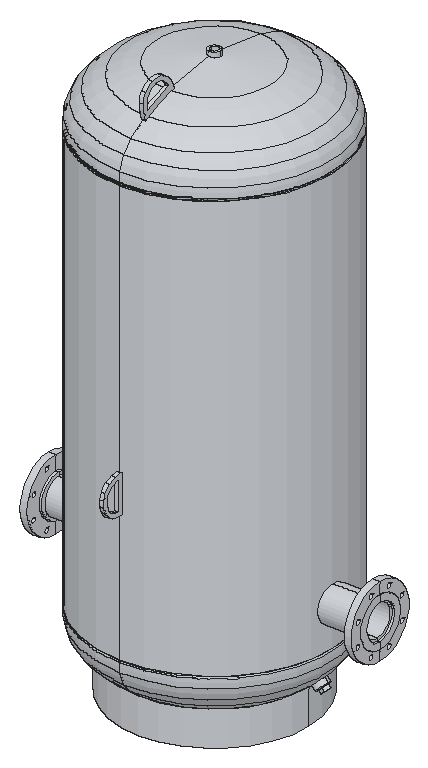
Revit family "CBT-200-4", category Generic Models, Revit 2014
Parameters (values of type "CBT-200-4")
  URL = "http://westank.com/"
  Tank Volume = 200.00 gal
  Part Number = 55300200
  Model = "CBT-200-4"
  Maximum Shipping Weight = 555 lbf
  Flange Connector Diameter = 4"
  Description = "Wessels ASME Chilled Water Buffer Tanks (CBT) are designed for chilled water systems with insufficient water volume capacity in relation to the chiller capacity."
  D = 15"
  C = 24"
  B = 72"
  A = 30"
Reference planes (in)
  plane 1 "Center (Front/Back)": y = 0
  plane 2: z = 0
  plane 3 "Center (Left/Right)": x = 0
  plane 4: through (12.55282, -180, 5.24135) normal (0.8192, 0, -0.5736)
  plane 5: x = -15
  plane 6: x = 15
  plane 7: z = 0
  plane 8: z = 72
  plane 9: y = 15
  plane 10: y = -15
  plane 11: x = -12
  plane 12: x = 12
  plane 13: z = 15
Forms (in)
  Revolve 1, solid
    sketch origin (0, -0.02461, 0) x (0, 1, 0) y (0, 0, 1)
      loop
        line (-14.97539, 9.87397) -> (-14.812, 9.87397)
        arc (-14.812, 9.87397) -> (-14.83596, 9.78454) -> (-14.90143, 9.71907) r 0.17887
        arc (-14.90143, 9.71907) -> (-14.94991, 9.64836) -> (-14.97579, 9.56662) r 0.29232
        arc (-14.97579, 9.56662) -> (-14.96586, 8.98455) -> (-14.89468, 8.40676) r 5.51955
        arc (-14.89468, 8.40676) -> (-14.65184, 7.56116) -> (-14.23912, 6.78419) r 4.22443
        arc (-14.23912, 6.78419) -> (-13.71208, 6.0842) -> (-13.11424, 5.44361) r 8.30764
        arc (-13.11424, 5.44361) -> (-11.99363, 4.5369) -> (-10.73315, 3.83755) r 8.30764
        arc (-10.73315, 3.83755) -> (-9.02248, 3.06195) -> (-7.23223, 2.49367) r 15.88746
        arc (-7.23223, 2.49367) -> (-3.63165, 1.79117) -> (0.02461, 1.49214) r 33.04234
        line (0.02461, 1.49214) -> (0.02461, 1.66407)
        arc (0.02461, 1.66407) -> (-3.61037, 1.96174) -> (-7.19, 2.66027) r 32.87047
        arc (-7.19, 2.66027) -> (-8.96351, 3.22342) -> (-10.65802, 3.99223) r 15.71558
        arc (-10.65802, 3.99223) -> (-11.8952, 4.67783) -> (-12.99495, 5.56734) r 8.13577
        arc (-12.99495, 5.56734) -> (-13.58042, 6.19468) -> (-14.09655, 6.88019) r 8.13577
        arc (-14.09655, 6.88019) -> (-14.49248, 7.62554) -> (-14.72544, 8.43674) r 4.05256
        arc (-14.72544, 8.43674) -> (-14.79395, 8.9901) -> (-14.80447, 9.54759) r 5.34767
        arc (-14.80447, 9.54759) -> (-14.7971, 9.56945) -> (-14.78569, 9.5895) r 0.12044
        arc (-14.78569, 9.5895) -> (-14.67439, 9.72277) -> (-14.64064, 9.89308) r 0.35074
        line (-14.64064, 9.89308) -> (-14.84715, 9.89308) -> (-14.84715, 63.61189) -> (-14.64151, 63.61189)
        arc (-14.64151, 63.61189) -> (-14.67184, 63.78882) -> (-14.78573, 63.92758) r 0.35074
        arc (-14.78573, 63.92758) -> (-14.79712, 63.94763) -> (-14.80449, 63.96948) r 0.12045
        arc (-14.80449, 63.96948) -> (-14.79397, 64.52697) -> (-14.72546, 65.08033) r 5.34768
        arc (-14.72546, 65.08033) -> (-14.4925, 65.89153) -> (-14.09657, 66.63689) r 4.05257
        arc (-14.09657, 66.63689) -> (-13.58043, 67.3224) -> (-12.99497, 67.94973) r 8.13578
        arc (-12.99497, 67.94973) -> (-11.89524, 68.83924) -> (-10.65807, 69.52483) r 8.13578
        arc (-10.65807, 69.52483) -> (-8.96355, 70.29364) -> (-7.19005, 70.85678) r 15.71558
        arc (-7.19005, 70.85678) -> (-3.61055, 71.55529) -> (0.02429, 71.85297) r 32.87045
        line (0.02429, 71.85297) -> (0.02429, 72.02671)
        arc (0.02429, 72.02671) -> (-3.63245, 71.72766) -> (-7.2335, 71.02507) r 33.04334
        arc (-7.2335, 71.02507) -> (-9.02402, 70.45667) -> (-10.73493, 69.68092) r 15.88853
        arc (-10.73493, 69.68092) -> (-11.99625, 68.98117) -> (-13.11754, 68.07383) r 8.30893
        arc (-13.11754, 68.07383) -> (-13.7162, 67.43239) -> (-14.24389, 66.7314) r 8.30923
        arc (-14.24389, 66.7314) -> (-14.65697, 65.95395) -> (-14.90005, 65.1078) r 4.22701
        arc (-14.90005, 65.1078) -> (-14.97148, 64.52727) -> (-14.98111, 63.94244) r 5.52257
        arc (-14.98111, 63.94244) -> (-14.95423, 63.85606) -> (-14.90267, 63.78173) r 0.29803
        arc (-14.90267, 63.78173) -> (-14.837, 63.7147) -> (-14.81302, 63.62397) r 0.18362
        line (-14.81302, 63.62397) -> (-14.97539, 63.62397) -> (-14.97539, 9.87397)
      axis (0.02461, 1.49214) -> (0.02461, 72.02671)
    angle from 0 to 360
  Revolve 2, solid
    sketch origin (0, 0, -0.00013) x (-1, 0, 0) y (0, 0, 1)
      loop
        line (19.68847, 12.74985) -> (19.68847, 12.34321) -> (20.06347, 12.34321) -> (20.06347, 10.4947) -> (20.93847, 10.4947) -> (20.93847, 11.90683) -> (21.00097, 11.90683) -> (21.00097, 12.74985) -> (19.68847, 12.74985)
      axis (21.00097, 15.00013) -> (19.68847, 15.00013)
    angle from 0 to 360
  Revolve 3, solid
    sketch origin (-1.82085, 0, 2.88409) x (0.981353, 0, -0.192215) y (0.192215, 0, 0.981353)
      loop
        line (14.71753, 6.11956) -> (14.66586, 6.1556) -> (14.25436, 5.56561) -> (14.86992, 5.13627) -> (15.24588, 5.6753) -> (15.19462, 5.71106) -> (15.31904, 5.88945) -> (14.80641, 6.24699) -> (14.71753, 6.11956)
      axis (14.25436, 5.56561) -> (14.86992, 5.13627)
    angle from 0 to 360
  Extrusion 4, solid
    sketch origin (13.38203, -180, 6.13049) x (0.718765, 0, 0.695254) y (0, -1, 0)
      loop
        line (-0.16036, -179.52645) -> (-0.95521, -179.68698) -> (-0.79485, -180.48095) -> (0, -180.32042) -> (-0.16036, -179.52645)
    from 1.02698 to 1.52678
  Extrusion 5, solid
    sketch origin (0, -2.93535, 4.97257) x (0, 1, 0) y (0, 0, 1)
      loop
        line (-11.68439, 21.33304) -> (-11.68439, 26.19752)
        arc (-11.68439, 26.19752) -> (-12.35095, 26.15744) -> (-13.00842, 26.04059) r 5.76861
        arc (-13.00842, 26.04059) -> (-13.48178, 25.88922) -> (-13.92751, 25.66942) r 3.34641
        arc (-13.92751, 25.66942) -> (-14.32096, 25.36359) -> (-14.6265, 24.96991) r 1.99825
        arc (-14.6265, 24.96991) -> (-14.77891, 24.59433) -> (-14.86291, 24.1978) r 2.29639
        arc (-14.86291, 24.1978) -> (-14.88755, 23.7845) -> (-14.86316, 23.37119) r 3.49597
        arc (-14.86316, 23.37119) -> (-14.76996, 22.95174) -> (-14.59792, 22.55801) r 2.22637
        arc (-14.59792, 22.55801) -> (-14.23755, 22.10568) -> (-13.75218, 21.79121) r 1.79726
        arc (-13.75218, 21.79121) -> (-13.19187, 21.53312) -> (-12.58488, 21.423) r 2.45266
        arc (-12.58488, 21.423) -> (-12.13683, 21.35609) -> (-11.68439, 21.33304) r 4.65484
      loop
        arc (-12.44611, 25.63929) -> (-12.67227, 25.60073) -> (-12.89654, 25.55235) r 5.2625
        arc (-12.89654, 25.55235) -> (-13.30128, 25.42308) -> (-13.68221, 25.23491) r 2.84116
        arc (-13.68221, 25.23491) -> (-13.97364, 25.01013) -> (-14.20134, 24.72098) r 1.49558
        arc (-14.20134, 24.72098) -> (-14.3163, 24.43235) -> (-14.37979, 24.12821) r 1.7957
        arc (-14.37979, 24.12821) -> (-14.40106, 23.77188) -> (-14.37979, 23.41555) r 2.99674
        arc (-14.37979, 23.41555) -> (-14.30745, 23.08689) -> (-14.17279, 22.77846) r 1.72881
        arc (-14.17279, 22.77846) -> (-13.91552, 22.45353) -> (-13.56884, 22.22643) r 1.29608
        arc (-13.56884, 22.22643) -> (-13.1779, 22.0402) -> (-12.75531, 21.94566) r 1.9331
        arc (-12.75531, 21.94566) -> (-12.60126, 21.91347) -> (-12.44611, 21.88716) r 4.14312
        line (-12.44611, 21.88716) -> (-12.44611, 25.63929)
    from -0.24366 to 0.25634
  Extrusion 6, solid
    sketch origin (0, -26.96034, 51.14612) x (0, 0.366501, -0.930418) y (0, 0.930418, 0.366501)
      loop
        arc (-11.9298, 25.67102) -> (-12.15596, 25.63246) -> (-12.38023, 25.58408) r 5.2625
        arc (-12.38023, 25.58408) -> (-12.78497, 25.45482) -> (-13.16591, 25.26664) r 2.84116
        arc (-13.16591, 25.26664) -> (-13.45733, 25.04186) -> (-13.68503, 24.75271) r 1.49558
        arc (-13.68503, 24.75271) -> (-13.8, 24.46408) -> (-13.86349, 24.15994) r 1.7957
        arc (-13.86349, 24.15994) -> (-13.88475, 23.80361) -> (-13.86349, 23.44728) r 2.99674
        arc (-13.86349, 23.44728) -> (-13.79114, 23.11862) -> (-13.65649, 22.81019) r 1.72881
        arc (-13.65649, 22.81019) -> (-13.39922, 22.48527) -> (-13.05253, 22.25816) r 1.29608
        arc (-13.05253, 22.25816) -> (-12.66159, 22.07193) -> (-12.239, 21.97739) r 1.9331
        arc (-12.239, 21.97739) -> (-12.08496, 21.94521) -> (-11.9298, 21.91889) r 4.14312
        line (-11.9298, 21.91889) -> (-11.9298, 25.67102)
      loop
        line (-11.0077, 21.34502) -> (-11.0077, 26.1559)
        arc (-11.0077, 26.1559) -> (-12.03639, 26.17994) -> (-13.02719, 25.90227) r 3.48194
        arc (-13.02719, 25.90227) -> (-13.54727, 25.6041) -> (-13.99851, 25.20943) r 3.03185
        arc (-13.99851, 25.20943) -> (-14.28248, 24.55653) -> (-14.39992, 23.8543) r 2.91879
        arc (-14.39992, 23.8543) -> (-14.3348, 23.1787) -> (-14.08611, 22.54717) r 2.44012
        arc (-14.08611, 22.54717) -> (-13.716, 22.08641) -> (-13.21844, 21.76749) r 1.83162
        arc (-13.21844, 21.76749) -> (-12.1363, 21.43466) -> (-11.0077, 21.34502) r 5.1769
    from -0.24366 to 0.25634
  Extrusion 7, solid
    sketch origin (0, 0, 0) x (1, 0, 0) y (0, 1, 0)
      loop
        circle (0, 0) r 0.75
      loop
        circle (0, 0) r 0.5
    from 71.36613 to 72.49354
  Extrusion 8, void
    sketch origin (0, 0.13917, 0.41738) x (0, 1, 0) y (0, 0, -1)
      loop
        circle (1.28233, -18.06761) r 0.37532
      loop
        circle (3.36019, -13.1861) r 0.37532
      loop
        circle (3.3073, -16.04716) r 0.37532
      loop
        circle (1.28728, -11.12902) r 0.37532
      loop
        circle (-1.56066, -18.06761) r 0.37532
      loop
        circle (-3.63853, -13.1861) r 0.37532
      loop
        circle (-3.58564, -16.04716) r 0.37532
      loop
        circle (-1.56562, -11.12902) r 0.37532
    from 19.2057 to 22.25
  Extrusion 9, void
    sketch origin (0, 0, 0) x (1, 0, 0) y (0, 1, 0)
      loop
        circle (0, 0) r 0.5
    from 70.90268 to 73.75579
  Revolve 10, solid
    sketch origin (0, 0, 0) x (1, 0, 0) y (0, 0, 1)
      loop
        line (11.87609, 4.44941) -> (11.87609, 0) -> (12, 0) -> (12, 4.44941) -> (11.87609, 4.44941)
      axis (0, 4.44941) -> (0, 0)
    angle from 0 to 360
  Revolve 11, solid
    sketch origin (0, 0, -0.00013) x (1, 0, 0) y (0, 0, 1)
      loop
        line (-14.12597, 12.9863) -> (-20.62597, 12.9863) -> (-20.62597, 12.74998) -> (-14.12597, 12.74998) -> (-14.12597, 12.9863)
      axis (-20.62597, 15.00013) -> (-14.12597, 15.00013)
    angle from 0 to 360
  Extrusion 12, void
    sketch origin (0, 0, 0.25) x (0, 1, 0) y (0, 0, 1)
      loop
        circle (0, 14.75) r 2.01383
    from -18.86806 to 18.76515
  Revolve 13, solid
    sketch origin (0, 0, -0.00013) x (1, 0, 0) y (0, 0, 1)
      loop
        line (19.68847, 12.74985) -> (19.68847, 12.34321) -> (20.06347, 12.34321) -> (20.06347, 10.4947) -> (20.93847, 10.4947) -> (20.93847, 11.90683) -> (21.00097, 11.90683) -> (21.00097, 12.74985) -> (19.68847, 12.74985)
      axis (21.00097, 15.00013) -> (19.68847, 15.00013)
    angle from 0 to 360
  Extrusion 14, void
    sketch origin (0, 0.13917, 0.41738) x (0, 1, 0) y (0, 0, 1)
      loop
        circle (1.28233, 18.06761) r 0.37532
      loop
        circle (3.36019, 13.1861) r 0.37532
      loop
        circle (3.3073, 16.04716) r 0.37532
      loop
        circle (1.28728, 11.12902) r 0.37532
      loop
        circle (-1.56066, 18.06761) r 0.37532
      loop
        circle (-3.63853, 13.1861) r 0.37532
      loop
        circle (-3.58564, 16.04716) r 0.37532
      loop
        circle (-1.56562, 11.12902) r 0.37532
    from 19.2057 to 22.25
  Revolve 15, solid
    sketch origin (0, 0, -0.00013) x (-1, 0, 0) y (0, 0, 1)
      loop
        line (-14.12597, 12.9863) -> (-20.62597, 12.9863) -> (-20.62597, 12.74998) -> (-14.12597, 12.74998) -> (-14.12597, 12.9863)
      axis (-20.62597, 15.00013) -> (-14.12597, 15.00013)
    angle from 0 to 360
Cuts and joins
  joined: Extrusion 4, Extrusion 5, Extrusion 6, Extrusion 7
  Extrusion 8, Extrusion 14 cuts Revolve 2
  Extrusion 14 cuts Revolve 13
  Extrusion 9, Extrusion 12 cuts Revolve 1
Dimensions and locks (in)
  equal spacing: plane 6, plane 3 "Center (Left/Right)", plane 5
  "A": plane 6 to plane 5
  "B": plane 8 to level
  equal spacing: plane 9, plane 1 "Center (Front/Back)", plane 10
  "A": plane 9 to plane 10
  equal spacing: plane 12, plane 3 "Center (Left/Right)", plane 11
  "C": plane 12 to plane 11
  "D": plane 13 to level
  aligned and locked: plane 2 to level
  aligned and locked: Revolve 10 sketch curve to plane 3 "Center (Left/Right)"
Automatic sketch dimensions
  Revolve 1 sketch curve to Revolve 1 sketch curve = 0"  (x33)
  Revolve 1 sketch curve to plane 10 = 0"
  Revolve 1 sketch curve to plane 1 "Center (Front/Back)" = 0"  (x2)
  Revolve 1 sketch curve to Revolve 1 sketch curve = 0.01547"
  plane 10 to Revolve 1 sketch curve = 0.01547"
  Revolve 1 sketch curve to Revolve 1 sketch curve = 0.00578"
  Revolve 1 sketch curve to plane 10 = 0.12824"
  Revolve 1 sketch curve to Revolve 1 sketch curve = 0.03413"
  Revolve 1 sketch curve to Revolve 1 sketch curve = 9/256"
  Revolve 1 sketch curve to plane 10 = 0.28821"
  Revolve 1 sketch curve to plane 10 = 0.28822"
  Revolve 1 sketch curve to Revolve 1 sketch curve = 0.00078"
  Revolve 1 sketch curve to Revolve 1 sketch curve = 0.17151"
  Revolve 1 sketch curve to Revolve 1 sketch curve = 0.17135"
  Revolve 1 sketch curve to Revolve 1 sketch curve = 3.94929"
  Revolve 1 sketch curve to Revolve 1 sketch curve = 0.00287"
  Revolve 1 sketch curve to Revolve 1 sketch curve = 3.95216"
  Revolve 1 sketch curve to Revolve 1 sketch curve = 1.2728"
  Revolve 1 sketch curve to Revolve 1 sketch curve = 0.00246"
  Revolve 1 sketch curve to Revolve 1 sketch curve = 1.27526"
  Revolve 1 sketch curve to Revolve 1 sketch curve = 2.11145"
  Revolve 1 sketch curve to Revolve 1 sketch curve = 0.00084"
  Revolve 1 sketch curve to Revolve 1 sketch curve = 0.00187"
  Revolve 1 sketch curve to Revolve 1 sketch curve = 2.11171"
  plane 1 "Center (Front/Back)" to Revolve 1 sketch curve = 3.35442"
  Revolve 1 sketch curve to Revolve 1 sketch curve = 0.00082"
  plane 1 "Center (Front/Back)" to Revolve 1 sketch curve = 3.35353"
  plane 1 "Center (Front/Back)" to Revolve 1 sketch curve = 0.00031"
  Revolve 1 sketch curve to plane 1 "Center (Front/Back)" = 0.86039"
  Revolve 1 sketch curve to Revolve 1 sketch curve = 0.00067"
  Revolve 1 sketch curve to plane 1 "Center (Front/Back)" = 0.86116"
  level to Revolve 1 sketch curve = 1.49214"
  Revolve 1 sketch curve to Revolve 1 sketch curve = 0.17193"
  Revolve 1 sketch curve to plane 13 = 5.85634"
  Revolve 1 sketch curve to Revolve 1 sketch curve = 0.22592"
  Revolve 1 sketch curve to Revolve 1 sketch curve = 0.37656"
  Revolve 1 sketch curve to Revolve 1 sketch curve = 0.35376"
  Revolve 1 sketch curve to Revolve 1 sketch curve = 0.01911"  (x2)
  Revolve 1 sketch curve to Revolve 1 sketch curve = 2 7/128"
  plane 13 to Revolve 1 sketch curve = 2.89417"
  Revolve 1 sketch curve to Revolve 1 sketch curve = 16.62909"
  Revolve 1 sketch curve to Revolve 1 sketch curve = 4.47055"
  Revolve 1 sketch curve to Revolve 1 sketch curve = 0.00077"
  Revolve 1 sketch curve to plane 8 = 16.37712"
  Revolve 1 sketch curve to Revolve 1 sketch curve = 0.00068"
  Revolve 1 sketch curve to Revolve 1 sketch curve = 6.46799"
  Revolve 1 sketch curve to Revolve 1 sketch curve = 0.00123"
  Revolve 1 sketch curve to Revolve 1 sketch curve = 0.00005"
  Revolve 1 sketch curve to Revolve 1 sketch curve = 1.52034"
  Revolve 1 sketch curve to Revolve 1 sketch curve = 0.01209"
  Revolve 1 sketch curve to Revolve 1 sketch curve = 0.3749"
  Revolve 1 sketch curve to Revolve 1 sketch curve = 0.01007"
  Revolve 1 sketch curve to Revolve 1 sketch curve = 2.05124"
  Revolve 1 sketch curve to Revolve 1 sketch curve = 0.00348"
  Revolve 1 sketch curve to Revolve 1 sketch curve = 0.2261"
  Revolve 1 sketch curve to Revolve 1 sketch curve = 0.0033"
  Revolve 1 sketch curve to plane 8 = 0.14703"
  plane 8 to Revolve 1 sketch curve = 0.02671"
  plane 10 to Revolve 1 sketch curve = 0.0004"
  plane 10 to Revolve 1 sketch curve = 0.00572"
  Revolve 1 sketch curve to plane 10 = 0.07272"
  Revolve 1 sketch curve to plane 10 = 0.07396"
  Revolve 1 sketch curve to Revolve 1 sketch curve = 0.11808"
  Revolve 1 sketch curve to Revolve 1 sketch curve = 0.11729"
  Revolve 1 sketch curve to Revolve 1 sketch curve = 0.01876"
  Revolve 1 sketch curve to Revolve 1 sketch curve = 0.01878"
  Revolve 1 sketch curve to Revolve 1 sketch curve = 0.14732"
  Revolve 1 sketch curve to Revolve 1 sketch curve = 0.97903"
  Revolve 1 sketch curve to Revolve 1 sketch curve = 0.98231"
  Revolve 1 sketch curve to Revolve 1 sketch curve = 0.12257"
  Revolve 1 sketch curve to Revolve 1 sketch curve = 0.1193"
  Revolve 1 sketch curve to plane 8 = 2.31908"
  Revolve 1 sketch curve to Revolve 1 sketch curve = 2.26179"
  Revolve 1 sketch curve to Revolve 1 sketch curve = 0.07686"
  Revolve 1 sketch curve to Revolve 1 sketch curve = 0.07513"
  Revolve 1 sketch curve to Revolve 1 sketch curve = 5.63017"
  Revolve 1 sketch curve to Revolve 1 sketch curve = 1.88017"
  Revolve 2 sketch curve to plane 13 = 0"
  plane 5 to Revolve 2 sketch curve = 4.68847"
  Revolve 2 sketch curve to Revolve 2 sketch curve = 3/8"
  Revolve 2 sketch curve to Revolve 2 sketch curve = 7/8"
  Revolve 2 sketch curve to Revolve 2 sketch curve = 1/16"
  plane 13 to Revolve 2 sketch curve = 2.25028"
  Revolve 2 sketch curve to Revolve 2 sketch curve = 0.40665"
  Revolve 2 sketch curve to Revolve 2 sketch curve = 0.84302"
  Revolve 2 sketch curve to Revolve 2 sketch curve = 1.41213"
  Revolve 2 sketch curve to plane 5 = 0.66921"
  Revolve 2 sketch curve to Revolve 2 sketch curve = 0.68278"
  plane 4 to Revolve 3 sketch curve = 0.35169"
  plane 12 to Revolve 3 sketch curve = 1.2375"
  Revolve 3 sketch curve to Revolve 3 sketch curve = 0.4115"
  Revolve 3 sketch curve to Revolve 3 sketch curve = 0.05167"
  Revolve 3 sketch curve to Revolve 3 sketch curve = 0.08888"
  Revolve 3 sketch curve to Revolve 3 sketch curve = 0.61556"
  Revolve 3 sketch curve to Revolve 3 sketch curve = 0.47709"
  Revolve 3 sketch curve to Revolve 3 sketch curve = 0.05126"
  Revolve 3 sketch curve to Revolve 3 sketch curve = 0.42934"
  Revolve 3 sketch curve to Revolve 3 sketch curve = 0.12768"
  Revolve 3 sketch curve to Revolve 3 sketch curve = 0"  (x2)
  Revolve 3 sketch curve to Revolve 3 sketch curve = 0.08905"
  plane 1 "Center (Front/Back)" to Extrusion 4 sketch curve = 0.31302"
  Extrusion 4 sketch curve to plane 1 "Center (Front/Back)" = 0.48095"
  Extrusion 4 sketch curve to Extrusion 4 sketch curve = 0.16036"  (x2)
  plane 1 "Center (Front/Back)" to Extrusion 4 sketch curve = 0.47355"
  Extrusion 4 sketch curve to Extrusion 4 sketch curve = 0.79485"
  Extrusion 4 sketch curve to plane 1 "Center (Front/Back)" = 0.32042"
  Extrusion 5 sketch curve to Extrusion 5 sketch curve = 0.00283"
  Extrusion 5 sketch curve to Extrusion 5 sketch curve = 0.00469"
  Extrusion 5 sketch curve to Extrusion 5 sketch curve = 0.00831"
  Extrusion 5 sketch curve to Extrusion 5 sketch curve = 0.00251"
  Extrusion 5 sketch curve to Extrusion 5 sketch curve = 0.01398"
  Extrusion 5 sketch curve to Extrusion 5 sketch curve = 0.00384"
  Extrusion 5 sketch curve to Extrusion 5 sketch curve = 0.01369"
  Extrusion 5 sketch curve to Extrusion 5 sketch curve = 0.00731"
  Extrusion 5 sketch curve to Extrusion 5 sketch curve = 0.01274"
  Extrusion 5 sketch curve to Extrusion 5 sketch curve = 0.01156"
  Extrusion 5 sketch curve to Extrusion 5 sketch curve = 0.0099"
  Extrusion 5 sketch curve to Extrusion 5 sketch curve = 0.02103"
  Extrusion 5 sketch curve to Extrusion 5 sketch curve = 0.01074"
  Extrusion 5 sketch curve to Extrusion 5 sketch curve = 0.02695"
  Extrusion 5 sketch curve to Extrusion 5 sketch curve = 0.09321"
  Extrusion 5 sketch curve to Extrusion 5 sketch curve = 0.00464"
  Extrusion 5 sketch curve to Extrusion 5 sketch curve = 0.15693"
  Extrusion 5 sketch curve to Extrusion 5 sketch curve = 0.0035"
  plane 10 to Extrusion 5 sketch curve = 0.97644"
  Extrusion 5 sketch curve to Extrusion 5 sketch curve = 0.10891"
  Extrusion 5 sketch curve to Extrusion 5 sketch curve = 0.25411"
  Extrusion 5 sketch curve to Extrusion 5 sketch curve = 17/256"
  Extrusion 5 sketch curve to Extrusion 5 sketch curve = 0.03589"
  plane 10 to Extrusion 5 sketch curve = 0.38146"
  plane 10 to Extrusion 5 sketch curve = 0.17231"
  Extrusion 5 sketch curve to plane 10 = 0.38026"
  Extrusion 5 sketch curve to plane 10 = 0.23364"
  Extrusion 5 sketch curve to plane 10 = 0.39263"
  Extrusion 5 sketch curve to plane 10 = 0.67307"
  plane 13 to Extrusion 5 sketch curve = 10.4015"
  Extrusion 5 sketch curve to Extrusion 5 sketch curve = 0.90412"
  Extrusion 5 sketch curve to Extrusion 5 sketch curve = 0.55412"
  Extrusion 5 sketch curve to Extrusion 5 sketch curve = 0.90165"
  Extrusion 5 sketch curve to Extrusion 5 sketch curve = 0.65085"
  Extrusion 5 sketch curve to Extrusion 5 sketch curve = 0.18397"
  Extrusion 5 sketch curve to Extrusion 5 sketch curve = 0.12974"
  Extrusion 5 sketch curve to Extrusion 5 sketch curve = 0.22538"
  Extrusion 5 sketch curve to Extrusion 5 sketch curve = 0.04252"
  Extrusion 5 sketch curve to Extrusion 5 sketch curve = 0.02529"
  Extrusion 5 sketch curve to Extrusion 5 sketch curve = 1.7173"
  Extrusion 5 sketch curve to Extrusion 5 sketch curve = 0.34507"
  Extrusion 5 sketch curve to Extrusion 5 sketch curve = 0.20965"
  Extrusion 5 sketch curve to Extrusion 5 sketch curve = 1.12273"
  Extrusion 5 sketch curve to Extrusion 5 sketch curve = 0.78568"
  Extrusion 5 sketch curve to Extrusion 5 sketch curve = 0"  (x6)
  Extrusion 5 sketch curve to Extrusion 5 sketch curve = 0.18334"
  Extrusion 5 sketch curve to Extrusion 5 sketch curve = 0.24529"
  Extrusion 5 sketch curve to Extrusion 5 sketch curve = 0.60395"
  Extrusion 5 sketch curve to Extrusion 5 sketch curve = 0.51913"
  Extrusion 5 sketch curve to Extrusion 5 sketch curve = 0.42512"
  Extrusion 5 sketch curve to Extrusion 5 sketch curve = 0.42516"
  Extrusion 7 sketch curve to Extrusion 7 sketch curve = 0"  (x2)
  plane 1 "Center (Front/Back)" to Extrusion 7 sketch curve = 0"
  Extrusion 7 sketch curve to plane 3 "Center (Left/Right)" = 0"
  Extrusion 8 sketch curve to plane 13 = 1.39652"  (x2)
  plane 1 "Center (Front/Back)" to Extrusion 8 sketch curve = 3.49936"
  Extrusion 8 sketch curve to Extrusion 8 sketch curve = 0.05288"  (x2)
  plane 1 "Center (Front/Back)" to Extrusion 8 sketch curve = 1.42645"
  plane 1 "Center (Front/Back)" to Extrusion 8 sketch curve = 1.4215"
  Extrusion 8 sketch curve to plane 1 "Center (Front/Back)" = 1.4215"
  Extrusion 8 sketch curve to plane 1 "Center (Front/Back)" = 1.42645"
  Extrusion 8 sketch curve to Extrusion 8 sketch curve = 2.02498"
  plane 13 to Extrusion 8 sketch curve = 1.46453"  (x2)
  Extrusion 8 sketch curve to Extrusion 8 sketch curve = 2.02045"
  Extrusion 8 sketch curve to Extrusion 8 sketch curve = 0"  (x2)
  Extrusion 8 sketch curve to Extrusion 8 sketch curve = 2.05708"
  Extrusion 9 sketch curve to Extrusion 9 sketch curve = 0"  (x2)
  plane 1 "Center (Front/Back)" to Extrusion 9 sketch curve = 0"
  Extrusion 9 sketch curve to plane 3 "Center (Left/Right)" = 0"
  Extrusion 9 sketch curve to plane 3 "Center (Left/Right)" = 1/2"
  Revolve 10 sketch curve to level = 0"
  Revolve 10 sketch curve to plane 12 = 0"
  Revolve 10 sketch curve to plane 12 = 0.12391"
  level to Revolve 10 sketch curve = 4.44941"
  level to Revolve 10 sketch curve = 4.69941"
  Revolve 10 sketch curve to Revolve 10 sketch curve = 1"
  Revolve 11 sketch curve to plane 13 = 0"
  Revolve 11 sketch curve to plane 13 = 2.25016"
  Revolve 11 sketch curve to plane 5 = 5.62597"
  plane 5 to Revolve 11 sketch curve = 0.87403"
  Revolve 11 sketch curve to Revolve 11 sketch curve = 0.23633"
  plane 5 to Revolve 11 sketch curve = 1/2"
  Revolve 11 sketch curve to Revolve 11 sketch curve = 0.36015"
  Revolve 13 sketch curve to plane 13 = 0"
  plane 6 to Revolve 13 sketch curve = 4.68847"
  Revolve 13 sketch curve to Revolve 13 sketch curve = 3/8"
  Revolve 13 sketch curve to Revolve 13 sketch curve = 7/8"
  Revolve 13 sketch curve to Revolve 13 sketch curve = 1/16"
  Revolve 13 sketch curve to plane 13 = 2.25028"
  Revolve 13 sketch curve to Revolve 13 sketch curve = 0.40665"
  Revolve 13 sketch curve to Revolve 13 sketch curve = 0.84302"
  Revolve 13 sketch curve to Revolve 13 sketch curve = 1.41213"
  Revolve 13 sketch curve to plane 6 = 0.66921"
  Revolve 13 sketch curve to Revolve 13 sketch curve = 0.68278"
  Extrusion 14 sketch curve to plane 13 = 1.39652"  (x2)
  plane 1 "Center (Front/Back)" to Extrusion 14 sketch curve = 3.49936"
  Extrusion 14 sketch curve to Extrusion 14 sketch curve = 0.05288"  (x2)
  plane 1 "Center (Front/Back)" to Extrusion 14 sketch curve = 1.42645"
  plane 1 "Center (Front/Back)" to Extrusion 14 sketch curve = 1.4215"
  Extrusion 14 sketch curve to plane 1 "Center (Front/Back)" = 1.4215"
  Extrusion 14 sketch curve to plane 1 "Center (Front/Back)" = 1.42645"
  Extrusion 14 sketch curve to Extrusion 14 sketch curve = 2.02498"
  Extrusion 14 sketch curve to Extrusion 14 sketch curve = 2.05708"
  Extrusion 14 sketch curve to Extrusion 14 sketch curve = 0"  (x2)
  plane 13 to Extrusion 14 sketch curve = 1.46453"  (x2)
  Extrusion 14 sketch curve to Extrusion 14 sketch curve = 2.02045"
  Revolve 15 sketch curve to plane 13 = 0"
  plane 13 to Revolve 15 sketch curve = 2.25016"
  Revolve 15 sketch curve to plane 6 = 5.62597"
  plane 6 to Revolve 15 sketch curve = 0.87403"
  Revolve 15 sketch curve to Revolve 15 sketch curve = 0.23633"
  plane 6 to Revolve 15 sketch curve = 1/2"
  Revolve 15 sketch curve to Revolve 15 sketch curve = 0.36015"
  Extrusion 12 sketch curve to Extrusion 12 sketch curve = 0"  (x2)
  Extrusion 12 sketch curve to plane 1 "Center (Front/Back)" = 0"
  Extrusion 12 sketch curve to plane 13 = 0"
  Extrusion 12 sketch curve to Extrusion 12 sketch curve = 2.01383"
  Extrusion 6 sketch curve to plane 8 = 0.60911"
  Extrusion 6 sketch curve to plane 10 = 5.26009"
  Extrusion 6 sketch curve to Extrusion 6 sketch curve = 0.03301"
  Extrusion 6 sketch curve to Extrusion 6 sketch curve = 0.08665"
  Extrusion 6 sketch curve to Extrusion 6 sketch curve = 0.34483"
  Extrusion 6 sketch curve to Extrusion 6 sketch curve = 17/256"
  Extrusion 6 sketch curve to Extrusion 6 sketch curve = 0.04958"
  Extrusion 6 sketch curve to Extrusion 6 sketch curve = 0.06885"
  Extrusion 6 sketch curve to Extrusion 6 sketch curve = 0.15073"
  Extrusion 6 sketch curve to Extrusion 6 sketch curve = 0.36028"
  Extrusion 6 sketch curve to Extrusion 6 sketch curve = 0.06601"
  Extrusion 6 sketch curve to Extrusion 6 sketch curve = 0.11815"
  Extrusion 6 sketch curve to Extrusion 6 sketch curve = 0.47821"
  Extrusion 6 sketch curve to Extrusion 6 sketch curve = 0.6151"
  Extrusion 6 sketch curve to Extrusion 6 sketch curve = 0.15011"
  Extrusion 6 sketch curve to Extrusion 6 sketch curve = 0.77126"
  Extrusion 6 sketch curve to Extrusion 6 sketch curve = 0.30701"
  Extrusion 6 sketch curve to Extrusion 6 sketch curve = 0.59588"
  Extrusion 6 sketch curve to Extrusion 6 sketch curve = 0.3061"
  Extrusion 6 sketch curve to Extrusion 6 sketch curve = 0.31529"
  Extrusion 6 sketch curve to Extrusion 6 sketch curve = 0.0954"
  Extrusion 6 sketch curve to Extrusion 6 sketch curve = 0.80625"
  Extrusion 6 sketch curve to Extrusion 6 sketch curve = 0.57387"
  Extrusion 6 sketch curve to Extrusion 6 sketch curve = 0.87967"
  Extrusion 6 sketch curve to Extrusion 6 sketch curve = 0.00686"
  Extrusion 6 sketch curve to Extrusion 6 sketch curve = 0.20406"
  Extrusion 6 sketch curve to Extrusion 6 sketch curve = 0.59172"
  Extrusion 6 sketch curve to Extrusion 6 sketch curve = 0.09548"
  Extrusion 6 sketch curve to Extrusion 6 sketch curve = 0.07607"
  Extrusion 6 sketch curve to Extrusion 6 sketch curve = 0.15093"
  Extrusion 6 sketch curve to Extrusion 6 sketch curve = 0.04716"
  Extrusion 6 sketch curve to Extrusion 6 sketch curve = 0.0326"
  Extrusion 6 sketch curve to Extrusion 6 sketch curve = 1.7246"
  Extrusion 6 sketch curve to Extrusion 6 sketch curve = 0.34507"
  Extrusion 6 sketch curve to Extrusion 6 sketch curve = 0.1398"
  Extrusion 6 sketch curve to Extrusion 6 sketch curve = 0.36365"
  Extrusion 6 sketch curve to Extrusion 6 sketch curve = 0"  (x6)
  Extrusion 6 sketch curve to Extrusion 6 sketch curve = 0.1659"
  Extrusion 6 sketch curve to Extrusion 6 sketch curve = 0.13872"
  Extrusion 6 sketch curve to Extrusion 6 sketch curve = 0.42962"
  Extrusion 6 sketch curve to Extrusion 6 sketch curve = 0.51913"
  Extrusion 6 sketch curve to Extrusion 6 sketch curve = 0.31348"
  radius of Extrusion 7 sketch curve = 3/4"
  radius of Extrusion 7 sketch curve = 1/2"
  radius of Extrusion 8 sketch curve = 0.37532"  (x8)
  radius of Extrusion 14 sketch curve = 0.37532"  (x8)
Connectors (in)
  piping at (-21.00097, 0, 15), diameter 4, driven by "Flange Connector Diameter"
    settings: on Revolve 2, index 1, connector inside diameter 24", connector length 0", flow factor 0, pipe flow 0 GPM, pressure drop 0.00 psi, fitting loss kfactor 0, connector angle 0.00°, fixture units 0, engagement length 0", angle of deflection 0.00°, flow configuration 0, flow direction 0, fitting loss method 0, system type 7, joint type 0, gender type 0, connector reference index 2, connector utility 0, adjustable connector no, is connector primary yes, connector description ""
  piping at (21.00097, 0, 15), diameter 4, driven by "Flange Connector Diameter"
    settings: on Revolve 13, index 2, connector inside diameter 24", connector length 0", flow factor 0, pipe flow 0 GPM, pressure drop 0.00 psi, fitting loss kfactor 0, connector angle 0.00°, fixture units 0, engagement length 0", angle of deflection 0.00°, flow configuration 0, flow direction 0, fitting loss method 0, system type 7, joint type 0, gender type 0, connector reference index 1, connector utility 0, adjustable connector no, is connector primary no, connector description ""
